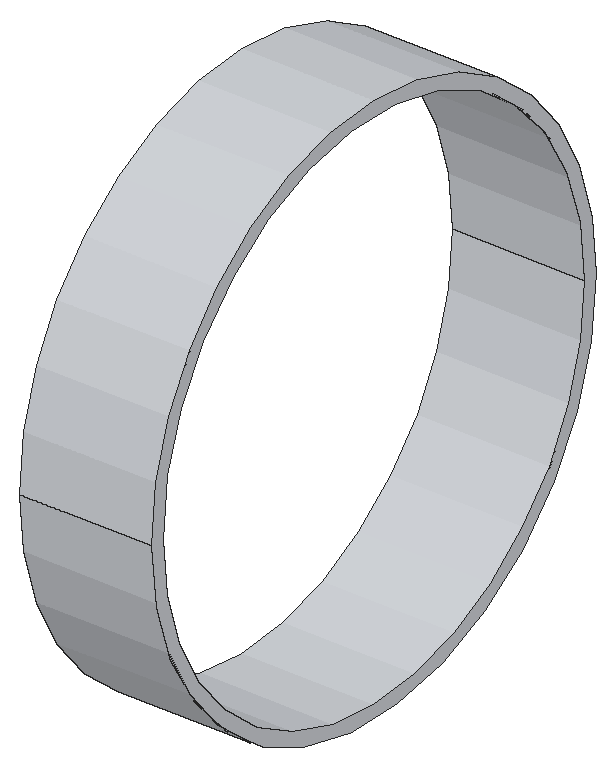
Revit family "TH_ROUND_SLEEVE", category Generic Models, host Face, Revit 2021
Family settings
  Host = Face
  Can host rebar = No
  Round Connector Dimension = Use Diameter
  Part Type = Normal
  Cut with Voids When Loaded = No
  Shared = Yes
  Room Calculation Point = No
Parameters (values of type "with Sill")
  Pipe Radius [instance] = Inner Radius + Insulation + Fill  # 500 mm
  Outer Radius [instance] = Pipe Radius + Clearance  # 525 mm
  Offset [instance] = Inner Radius  # 500 mm
  Insulation [instance] = 0 mm
  Inner Radius [instance] = 500 mm
  Host Thickness [instance] = 200 mm
  Fill [instance] = 0 mm
  Extrusion [instance] = 25 mm
  Default Elevation = 1219.2 mm
  Clearance [instance] = 25 mm
Types (2, lengths in mm): name | Pipe Radius | Outer Radius | Offset | Insulation | Inner Radius | Host Thickness | Extrusion | Clearance
  with Sill | 500 | 525 | 500 | 0 | 500 | 200 | 25 | 25
  Picture Frame | 40 | 66.064 | 0 | 40 | 0 | 781.9 | 38.1 | 26.064
Reference planes
  plane 1 "Center (Front/Back)": y = 0
  plane 2: z = 0
  plane 3 "Center (Left/Right)": x = 0
  plane 4: z = -880
  plane 5: z = -500
  plane 6: x = 100
  plane 7: x = -100
  plane 8: x = -125
  plane 9: x = 125
Forms (mm)
  Extrusion 1, solid
    sketch origin (0, 0, 0) x (0, 1, 0) y (0, 0, 1)
      loop
        circle (0, -500) r 500
      loop
        circle (0, -500) r 525
    from -125 to 125
Dimensions and locks
  level to plane 4 = 880 mm
  "Offset": level to Extrusion 1 sketch curve  (x2)
  "Offset": plane 2 to plane 5
  "Extrusion": plane 7 to plane 8
  "Extrusion": plane 6 to plane 9
  "Host Thickness": plane 6 to plane 7
  equal spacing: plane 6, plane 3 "Center (Left/Right)", plane 7
  "Outer Radius": radius of Extrusion 1 sketch curve
  "Pipe Radius": radius of Extrusion 1 sketch curve
  aligned and locked: plane 2 to host face
  aligned and locked: level to host face
  aligned and locked: Extrusion 1 to plane 8
  aligned and locked: Extrusion 1 to plane 9
Automatic sketch dimensions
  host sketch curve to host sketch curve = 2240.899 mm
  host sketch curve to host sketch curve = 2073.732 mm
  Extrusion 1 sketch curve to Extrusion 1 sketch curve = 0 mm
  Extrusion 1 sketch curve to plane 1 "Center (Front/Back)" = 0 mm
